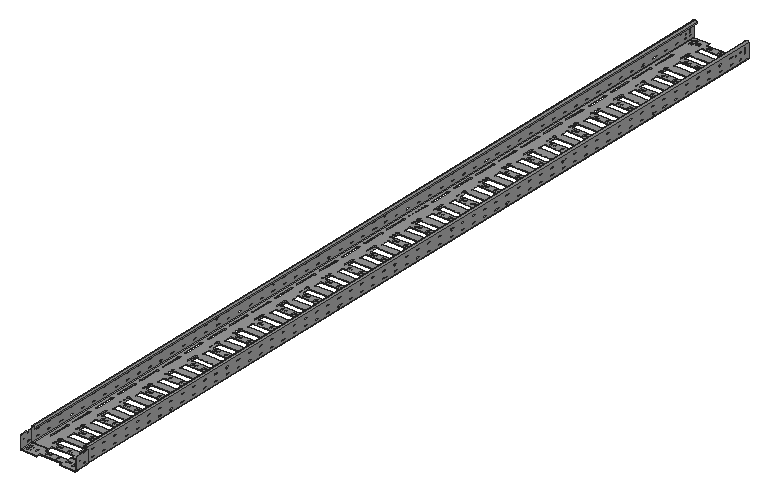
Revit family "MKSM Magic Kabelrinne 1 mm- MKSM 620 FT,FS", category Generic Models, Revit 2017 (continued)
Dimensions and locks
  locked: cut or joined group 1 (Extrusion 1, Extrusion 8, Extrusion 13, Extrusion 14, Extrusion 15, Extrusion 16, Extrusion 17, Extrusion 18, Extrusion 19, Extrusion 20, Extrusion 21, Extrusion 22, Extrusion 23, Extrusion 24, Extrusion 25, Extrusion 26, Extrusion 27, Extrusion 28, Extrusion 29, Extrusion 30, Extrusion 31, Extrusion 32, Extrusion 33, Extrusion 34, Extrusion 35, Extrusion 36, Extrusion 37, Extrusion 38, Extrusion 39, Extrusion 40, Extrusion 41, Extrusion 42, Extrusion 43, Extrusion 44, Extrusion 45, Extrusion 46, Extrusion 47, Extrusion 48, Extrusion 49, Extrusion 50, Extrusion 51, Extrusion 52, Extrusion 53, Extrusion 54, Extrusion 55, Extrusion 56, Extrusion 57, Extrusion 58, Extrusion 59, Extrusion 60, Extrusion 61, Extrusion 62, Extrusion 63, Extrusion 64, Extrusion 65, Extrusion 66, Extrusion 67, Extrusion 68, Extrusion 69, Extrusion 70, Extrusion 71, Extrusion 72, Extrusion 73, Extrusion 74, Extrusion 75, Extrusion 76, Extrusion 77, Extrusion 78, Extrusion 79, Extrusion 80, Extrusion 81, Extrusion 82, Extrusion 83, Extrusion 84, Extrusion 85, Extrusion 86, Extrusion 87, Extrusion 88, Extrusion 89, Extrusion 90, Extrusion 91, Extrusion 92, Extrusion 93, Extrusion 94, Extrusion 95, Extrusion 96, Extrusion 97, Extrusion 98, Extrusion 99, Extrusion 100, Extrusion 101, Extrusion 102, Extrusion 103, Extrusion 104, Extrusion 105, Extrusion 106, Extrusion 107, Extrusion 108, Extrusion 109, Extrusion 110, Extrusion 111, Extrusion 112, Extrusion 113, Extrusion 114, Extrusion 115, Extrusion 116, Extrusion 117, Extrusion 118, Extrusion 119, Extrusion 120, Extrusion 121, Extrusion 122, Extrusion 123, Extrusion 124, Extrusion 125, Extrusion 126, Extrusion 127, Extrusion 128, Extrusion 129, Extrusion 130, Extrusion 131, Extrusion 132, Extrusion 133, Extrusion 134, Extrusion 135, Extrusion 136, Extrusion 137, Extrusion 138, Extrusion 139, Extrusion 140, Extrusion 141, Extrusion 142, Extrusion 143, Extrusion 144, Extrusion 145, Extrusion 146, Extrusion 147, Extrusion 148, Extrusion 149, Extrusion 150, Extrusion 151, Extrusion 152, Extrusion 153, Extrusion 154, Extrusion 155, Extrusion 156, Extrusion 157, Extrusion 158, Extrusion 159, Extrusion 160, Extrusion 161, Extrusion 162, Extrusion 163, Extrusion 164, Extrusion 165, Extrusion 166, Extrusion 167, Extrusion 168, Extrusion 169, Extrusion 170, Extrusion 171, Extrusion 172, Extrusion 173, Extrusion 174, Extrusion 175, Extrusion 176, Extrusion 177, Extrusion 178, Extrusion 179, Extrusion 180, Extrusion 181, Extrusion 182, Extrusion 183, Extrusion 184, Extrusion 185, Extrusion 186, Extrusion 187, Extrusion 188, Extrusion 189, Extrusion 190, Extrusion 191, Extrusion 192, Extrusion 193, Extrusion 194, Extrusion 195, Extrusion 196, Extrusion 197, Extrusion 198, Extrusion 199, Extrusion 200, Extrusion 201, Extrusion 202, Extrusion 203, Extrusion 204, Extrusion 205, Extrusion 206, Extrusion 207, Extrusion 208, Extrusion 209, Extrusion 210, Extrusion 211, Extrusion 212, Extrusion 213, Extrusion 214, Extrusion 215, Extrusion 216, Extrusion 217, Extrusion 218, Extrusion 219, Extrusion 220, Extrusion 221, Extrusion 222, Extrusion 223, Extrusion 224, Extrusion 225, Extrusion 226, Extrusion 227, Extrusion 228, Extrusion 229, Extrusion 230, Extrusion 231, Extrusion 232, Extrusion 233, Extrusion 234, Extrusion 235, Extrusion 236, Extrusion 237, Extrusion 238, Extrusion 239, Extrusion 240, Extrusion 241, Extrusion 242, Extrusion 243, Extrusion 244, Extrusion 245, Extrusion 246, Extrusion 247, Extrusion 248, Extrusion 249, Extrusion 250, Extrusion 251, Extrusion 253, Extrusion 254, Extrusion 255, Extrusion 256, Extrusion 257, Extrusion 258, Extrusion 259, Extrusion 260, Extrusion 261, Extrusion 262, Extrusion 267, Extrusion 268, Extrusion 269, Extrusion 270, Extrusion 271, Extrusion 272, Extrusion 273, Extrusion 274, Extrusion 275, Extrusion 276, Extrusion 277, Extrusion 278, Extrusion 279, Extrusion 280, Extrusion 281, Extrusion 282, Extrusion 283, Extrusion 284, Extrusion 285, Extrusion 286, Extrusion 287, Extrusion 288, Extrusion 289, Extrusion 290, Extrusion 291, Extrusion 292, Extrusion 293, Extrusion 294, Extrusion 295, Extrusion 296, Extrusion 297, Extrusion 298, Extrusion 299, Extrusion 300, Extrusion 301, Extrusion 302, Extrusion 303, Extrusion 304, Extrusion 305, Extrusion 306, Extrusion 307, Extrusion 308, Extrusion 309, Extrusion 310, Extrusion 311, Extrusion 312, Extrusion 313, Extrusion 314, Extrusion 315, Extrusion 316, Extrusion 317, Extrusion 318, Extrusion 319, Extrusion 320, Extrusion 321, Extrusion 322, Extrusion 323, Extrusion 324, Extrusion 325, Extrusion 326, Extrusion 327, Extrusion 328, Extrusion 329, Extrusion 330, Extrusion 331, Extrusion 332, Extrusion 333, Extrusion 334, Extrusion 335, Extrusion 336, Extrusion 337, Extrusion 338, Extrusion 339, Extrusion 340, Extrusion 341, Extrusion 342, Extrusion 343, Extrusion 344, Extrusion 345, Extrusion 346, Extrusion 347, Extrusion 348, Extrusion 349, Extrusion 350, Extrusion 351, Extrusion 352, Extrusion 353, Extrusion 354, Extrusion 355, Extrusion 356, Extrusion 357, Extrusion 358, Extrusion 359, Extrusion 360, Extrusion 361, Extrusion 362, Extrusion 363, Extrusion 364, Extrusion 365, Extrusion 366, Extrusion 367, Extrusion 368, Extrusion 369, Extrusion 370, Extrusion 371, Extrusion 372, Extrusion 373, Extrusion 374, Extrusion 375, Extrusion 376, Extrusion 377, Extrusion 378, Extrusion 379, Extrusion 380, Extrusion 381, Extrusion 382, Extrusion 383, Extrusion 384, Extrusion 385, Extrusion 386, Extrusion 387, Extrusion 388, Extrusion 389, Extrusion 390, Extrusion 391, Extrusion 392, Extrusion 393, Extrusion 394, Extrusion 395, Extrusion 396, Extrusion 397, Extrusion 398, Extrusion 399, Extrusion 400, Extrusion 401, Extrusion 402, Extrusion 403, Extrusion 404, Extrusion 405, Extrusion 406, Extrusion 407, Extrusion 408, Extrusion 409, Extrusion 410, Extrusion 411, Extrusion 412, Extrusion 413, Extrusion 414) to plane 105 at 100
  Extrusion 251 sketch curve to plane 105 = 40 mm
  plane 105 to Extrusion 251 sketch curve = 40 mm
  locked: cut or joined group 1 to plane 106 at 12.71
  Extrusion 252 sketch curve to plane 3 "Center (Left/Right)" = 40 mm
  plane 3 "Center (Left/Right)" to Extrusion 252 sketch curve = 40 mm
  cut or joined group of Extrusion 2, Extrusion 3, Extrusion 4, Extrusion 5, Extrusion 6, Extrusion 7, Extrusion 8, Extrusion 9, Extrusion 10, Extrusion 11, Extrusion 12, Extrusion 252, Extrusion 253 to plane 107 = 12.71 mm
  locked: cut or joined group 1 to plane 110 at 127.08
  locked: Extrusion 254 sketch curve to cut or joined group 1 at 10.317
  Extrusion 255 sketch curve to plane 34 = 15 mm
  locked: cut or joined group 1 to cut or joined group 2 (Extrusion 1, Extrusion 8, Extrusion 13, Extrusion 14, Extrusion 15, Extrusion 16, Extrusion 17, Extrusion 18, Extrusion 19, Extrusion 20, Extrusion 21, Extrusion 22, Extrusion 23, Extrusion 24, Extrusion 25, Extrusion 26, Extrusion 27, Extrusion 28, Extrusion 29, Extrusion 30, Extrusion 31, Extrusion 32, Extrusion 33, Extrusion 34, Extrusion 35, Extrusion 36, Extrusion 37, Extrusion 38, Extrusion 39, Extrusion 40, Extrusion 41, Extrusion 42, Extrusion 43, Extrusion 44, Extrusion 45, Extrusion 46, Extrusion 47, Extrusion 48, Extrusion 49, Extrusion 50, Extrusion 51, Extrusion 52, Extrusion 53, Extrusion 54, Extrusion 55, Extrusion 56, Extrusion 57, Extrusion 58, Extrusion 59, Extrusion 60, Extrusion 61, Extrusion 62, Extrusion 63, Extrusion 64, Extrusion 65, Extrusion 66, Extrusion 67, Extrusion 68, Extrusion 69, Extrusion 70, Extrusion 71, Extrusion 72, Extrusion 73, Extrusion 74, Extrusion 75, Extrusion 76, Extrusion 77, Extrusion 78, Extrusion 79, Extrusion 80, Extrusion 81, Extrusion 82, Extrusion 83, Extrusion 84, Extrusion 85, Extrusion 86, Extrusion 87, Extrusion 88, Extrusion 89, Extrusion 90, Extrusion 91, Extrusion 92, Extrusion 93, Extrusion 94, Extrusion 95, Extrusion 96, Extrusion 97, Extrusion 98, Extrusion 99, Extrusion 100, Extrusion 101, Extrusion 102, Extrusion 103, Extrusion 104, Extrusion 105, Extrusion 106, Extrusion 107, Extrusion 108, Extrusion 109, Extrusion 110, Extrusion 111, Extrusion 112, Extrusion 113, Extrusion 114, Extrusion 115, Extrusion 116, Extrusion 117, Extrusion 118, Extrusion 119, Extrusion 120, Extrusion 121, Extrusion 122, Extrusion 123, Extrusion 124, Extrusion 125, Extrusion 126, Extrusion 127, Extrusion 128, Extrusion 129, Extrusion 130, Extrusion 131, Extrusion 132, Extrusion 133, Extrusion 134, Extrusion 135, Extrusion 136, Extrusion 137, Extrusion 138, Extrusion 139, Extrusion 140, Extrusion 141, Extrusion 142, Extrusion 143, Extrusion 144, Extrusion 145, Extrusion 146, Extrusion 147, Extrusion 148, Extrusion 149, Extrusion 150, Extrusion 151, Extrusion 152), Extrusion
     153, Extrusion 154, Extrusion 155, Extrusion 156, Extrusion 157, Extrusion 158, Extrusion 159, Extrusion 160, Extrusion 161, Extrusion 162, Extrusion 163, Extrusion 164, Extrusion 165, Extrusion 166, Extrusion 167, Extrusion 168, Extrusion 169, Extrusion 170, Extrusion 171, Extrusion 172, Extrusion 173, Extrusion 174, Extrusion 175, Extrusion 176, Extrusion 177, Extrusion 178, Extrusion 179, Extrusion 180, Extrusion 181, Extrusion 182, Extrusion 183, Extrusion 184, Extrusion 185, Extrusion 186, Extrusion 187, Extrusion 188, Extrusion 189, Extrusion 190, Extrusion 191, Extrusion 192, Extrusion 193, Extrusion 194, Extrusion 195, Extrusion 196, Extrusion 197, Extrusion 198, Extrusion 199, Extrusion 200, Extrusion 201, Extrusion 202, Extrusion 203, Extrusion 204, Extrusion 205, Extrusion 206, Extrusion 207, Extrusion 208, Extrusion 209, Extrusion 210, Extrusion 211, Extrusion 212, Extrusion 213, Extrusion 214, Extrusion 215, Extrusion 216, Extrusion 217, Extrusion 218, Extrusion 219, Extrusion 220, Extrusion 221, Extrusion 222, Extrusion 223, Extrusion 224, Extrusion 225, Extrusion 226, Extrusion 227, Extrusion 228, Extrusion 229, Extrusion 230, Extrusion 231, Extrusion 232, Extrusion 233, Extrusion 234, Extrusion 235, Extrusion 236, Extrusion 237, Extrusion 238, Extrusion 239, Extrusion 240, Extrusion 241, Extrusion 242, Extrusion 243, Extrusion 244, Extrusion 245, Extrusion 246, Extrusion 247, Extrusion 248, Extrusion 249, Extrusion 250, Extrusion 251, Extrusion 253, Extrusion 254, Extrusion 255, Extrusion 256, Extrusion 257, Extrusion 258, Extrusion 259, Extrusion 260, Extrusion 261, Extrusion 262, Extrusion 267, Extrusion 268, Extrusion 269, Extrusion 270, Extrusion 271, Extrusion 272, Extrusion 273, Extrusion 274, Extrusion 275, Extrusion 276, Extrusion 277, Extrusion 278, Extrusion 279, Extrusion 280, Extrusion 281, Extrusion 282, Extrusion 283, Extrusion 284, Extrusion 285, Extrusion 286, Extrusion 287, Extrusion 288, Extrusion 289, Extrusion 290, Extrusion 291, Extrusion 292, Extrusion 293, Extrusion 294, Extrusion 295, Extrusion 296, Extrusion 297, Extrusion 298, Extrusion 299, Extrusion 300, Extrusion 301, Extrusion 302, Extrusion 303, Extrusion 304, Extrusion 305, Extrusion 306, Extrusion 307, Extrusion 308, Extrusion 309, Extrusion 310, Extrusion 311, Extrusion 312, Extrusion 313, Extrusion 314, Extrusion 315, Extrusion 316, Extrusion 317, Extrusion 318, Extrusion 319, Extrusion 320, Extrusion 321, Extrusion 322, Extrusion 323, Extrusion 324, Extrusion 325, Extrusion 326, Extrusion 327, Extrusion 328, Extrusion 329, Extrusion 330, Extrusion 331, Extrusion 332, Extrusion 333, Extrusion 334, Extrusion 335, Extrusion 336, Extrusion 337, Extrusion 338, Extrusion 339, Extrusion 340, Extrusion 341, Extrusion 342, Extrusion 343, Extrusion 344, Extrusion 345, Extrusion 346, Extrusion 347, Extrusion 348, Extrusion 349, Extrusion 350, Extrusion 351, Extrusion 352, Extrusion 353, Extrusion 354, Extrusion 355, Extrusion 356, Extrusion 357, Extrusion 358, Extrusion 359, Extrusion 360, Extrusion 361, Extrusion 362, Extrusion 363, Extrusion 364, Extrusion 365, Extrusion 366, Extrusion 367, Extrusion 368, Extrusion 369, Extrusion 370, Extrusion 371, Extrusion 372, Extrusion 373, Extrusion 374, Extrusion 375, Extrusion 376, Extrusion 377, Extrusion 378, Extrusion 379, Extrusion 380, Extrusion 381, Extrusion 382, Extrusion 383, Extrusion 384, Extrusion 385, Extrusion 386, Extrusion 387, Extrusion 388, Extrusion 389, Extrusion 390, Extrusion 391, Extrusion 392, Extrusion 393, Extrusion 394, Extrusion 395, Extrusion 396, Extrusion 397, Extrusion 398, Extrusion 399, Extrusion 400, Extrusion 401, Extrusion 402, Extrusion 403, Extrusion 404, Extrusion 405, Extrusion 406, Extrusion 407, Extrusion 408, Extrusion 409, Extrusion 410, Extrusion 411, Extrusion 412, Extrusion 413, Extrusion 414 at 50.85
  locked: cut or joined group 1 to cut or joined group 2, Extrusion
     153, Extrusion 154, Extrusion 155, Extrusion 156, Extrusion 157, Extrusion 158, Extrusion 159, Extrusion 160, Extrusion 161, Extrusion 162, Extrusion 163, Extrusion 164, Extrusion 165, Extrusion 166, Extrusion 167, Extrusion 168, Extrusion 169, Extrusion 170, Extrusion 171, Extrusion 172, Extrusion 173, Extrusion 174, Extrusion 175, Extrusion 176, Extrusion 177, Extrusion 178, Extrusion 179, Extrusion 180, Extrusion 181, Extrusion 182, Extrusion 183, Extrusion 184, Extrusion 185, Extrusion 186, Extrusion 187, Extrusion 188, Extrusion 189, Extrusion 190, Extrusion 191, Extrusion 192, Extrusion 193, Extrusion 194, Extrusion 195, Extrusion 196, Extrusion 197, Extrusion 198, Extrusion 199, Extrusion 200, Extrusion 201, Extrusion 202, Extrusion 203, Extrusion 204, Extrusion 205, Extrusion 206, Extrusion 207, Extrusion 208, Extrusion 209, Extrusion 210, Extrusion 211, Extrusion 212, Extrusion 213, Extrusion 214, Extrusion 215, Extrusion 216, Extrusion 217, Extrusion 218, Extrusion 219, Extrusion 220, Extrusion 221, Extrusion 222, Extrusion 223, Extrusion 224, Extrusion 225, Extrusion 226, Extrusion 227, Extrusion 228, Extrusion 229, Extrusion 230, Extrusion 231, Extrusion 232, Extrusion 233, Extrusion 234, Extrusion 235, Extrusion 236, Extrusion 237, Extrusion 238, Extrusion 239, Extrusion 240, Extrusion 241, Extrusion 242, Extrusion 243, Extrusion 244, Extrusion 245, Extrusion 246, Extrusion 247, Extrusion 248, Extrusion 249, Extrusion 250, Extrusion 251, Extrusion 253, Extrusion 254, Extrusion 255, Extrusion 256, Extrusion 257, Extrusion 258, Extrusion 259, Extrusion 260, Extrusion 261, Extrusion 262, Extrusion 267, Extrusion 268, Extrusion 269, Extrusion 270, Extrusion 271, Extrusion 272, Extrusion 273, Extrusion 274, Extrusion 275, Extrusion 276, Extrusion 277, Extrusion 278, Extrusion 279, Extrusion 280, Extrusion 281, Extrusion 282, Extrusion 283, Extrusion 284, Extrusion 285, Extrusion 286, Extrusion 287, Extrusion 288, Extrusion 289, Extrusion 290, Extrusion 291, Extrusion 292, Extrusion 293, Extrusion 294, Extrusion 295, Extrusion 296, Extrusion 297, Extrusion 298, Extrusion 299, Extrusion 300, Extrusion 301, Extrusion 302, Extrusion 303, Extrusion 304, Extrusion 305, Extrusion 306, Extrusion 307, Extrusion 308, Extrusion 309, Extrusion 310, Extrusion 311, Extrusion 312, Extrusion 313, Extrusion 314, Extrusion 315, Extrusion 316, Extrusion 317, Extrusion 318, Extrusion 319, Extrusion 320, Extrusion 321, Extrusion 322, Extrusion 323, Extrusion 324, Extrusion 325, Extrusion 326, Extrusion 327, Extrusion 328, Extrusion 329, Extrusion 330, Extrusion 331, Extrusion 332, Extrusion 333, Extrusion 334, Extrusion 335, Extrusion 336, Extrusion 337, Extrusion 338, Extrusion 339, Extrusion 340, Extrusion 341, Extrusion 342, Extrusion 343, Extrusion 344, Extrusion 345, Extrusion 346, Extrusion 347, Extrusion 348, Extrusion 349, Extrusion 350, Extrusion 351, Extrusion 352, Extrusion 353, Extrusion 354, Extrusion 355, Extrusion 356, Extrusion 357, Extrusion 358, Extrusion 359, Extrusion 360, Extrusion 361, Extrusion 362, Extrusion 363, Extrusion 364, Extrusion 365, Extrusion 366, Extrusion 367, Extrusion 368, Extrusion 369, Extrusion 370, Extrusion 371, Extrusion 372, Extrusion 373, Extrusion 374, Extrusion 375, Extrusion 376, Extrusion 377, Extrusion 378, Extrusion 379, Extrusion 380, Extrusion 381, Extrusion 382, Extrusion 383, Extrusion 384, Extrusion 385, Extrusion 386, Extrusion 387, Extrusion 388, Extrusion 389, Extrusion 390, Extrusion 391, Extrusion 392, Extrusion 393, Extrusion 394, Extrusion 395, Extrusion 396, Extrusion 397, Extrusion 398, Extrusion 399, Extrusion 400, Extrusion 401, Extrusion 402, Extrusion 403, Extrusion 404, Extrusion 405, Extrusion 406, Extrusion 407, Extrusion 408, Extrusion 409, Extrusion 410, Extrusion 411, Extrusion 412, Extrusion 413, Extrusion 414 at 10.35
  plane 115 to Extrusion 257 sketch curve = 4 mm  (x2)
  cut or joined group 1 to cut or joined group of Extrusion 1, Extrusion 8, Extrusion 13, Extrusion 14, Extrusion 15, Extrusion 16, Extrusion 17, Extrusion 18, Extrusion 19, Extrusion 20, Extrusion 21, Extrusion 22, Extrusion 23, Extrusion 24, Extrusion 25, Extrusion 26, Extrusion 27, Extrusion 28, Extrusion 29, Extrusion 30, Extrusion 31, Extrusion 32, Extrusion 33, Extrusion 34, Extrusion 35, Extrusion 36, Extrusion 37, Extrusion 38, Extrusion 39, Extrusion 40, Extrusion 41, Extrusion 42, Extrusion 43, Extrusion 44, Extrusion 45, Extrusion 46, Extrusion 47, Extrusion 48, Extrusion 49, Extrusion 50, Extrusion 51, Extrusion 52, Extrusion 53, Extrusion 54, Extrusion 55, Extrusion 56, Extrusion 57, Extrusion 58, Extrusion 59, Extrusion 60, Extrusion 61, Extrusion 62, Extrusion 63, Extrusion 64, Extrusion 65, Extrusion 66, Extrusion 67, Extrusion 68, Extrusion 69, Extrusion 70, Extrusion 71, Extrusion 72, Extrusion 73, Extrusion 74, Extrusion 75, Extrusion 76, Extrusion 77, Extrusion 78, Extrusion 79, Extrusion 80, Extrusion 81, Extrusion 82, Extrusion 83, Extrusion 84, Extrusion 85, Extrusion 86, Extrusion 87, Extrusion 88, Extrusion 89, Extrusion 90, Extrusion 91, Extrusion 92, Extrusion 93, Extrusion 94, Extrusion 95, Extrusion 96, Extrusion 97, Extrusion 98, Extrusion 99, Extrusion 100, Extrusion 101, Extrusion 102, Extrusion 103, Extrusion 104, Extrusion 105, Extrusion 106, Extrusion 107, Extrusion 108, Extrusion 109, Extrusion 110, Extrusion 111, Extrusion 112, Extrusion 113, Extrusion 114, Extrusion 115, Extrusion 116, Extrusion 117, Extrusion 118, Extrusion 119, Extrusion 120, Extrusion 121, Extrusion 122, Extrusion 123, Extrusion 124, Extrusion 125, Extrusion 126, Extrusion 127, Extrusion 128, Extrusion 129, Extrusion 130, Extrusion 131, Extrusion 132, Extrusion 133, Extrusion 134, Extrusion 135, Extrusion 136, Extrusion 137, Extrusion 138, Extrusion 139, Extrusion 140, Extrusion 141, Extrusion 142, Extrusion 143, Extrusion 144, Extrusion 145, Extrusion 146, Extrusion 147, Extrusion 148, Extrusion 149, Extrusion 150, Extrusion 151, Extrusion 152, Extrusion 153, Ex
